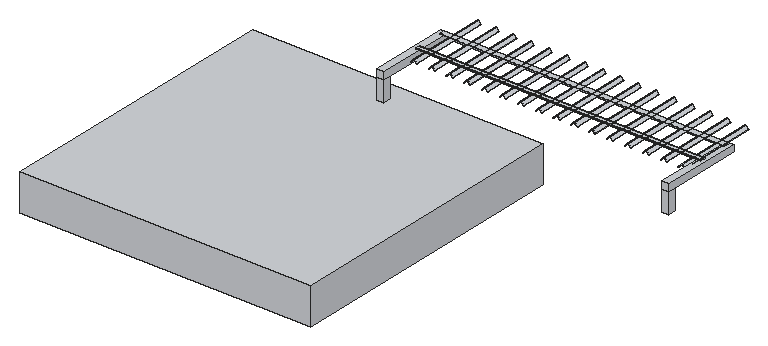
Revit family "Забор Тегоза-2400х670-2", category Обобщенные модели, Revit 2017
Family settings
  Основа = Грань
  Может служить основой для арматурных стержней = Нет
  Размер круглого соединителя = Использовать диаметр
  Тип детали = Нормальный
  При загрузке вырезать с полостями = Нет
  Общий = Нет
  Точка расчета площади = Нет
Parameters
  Производитель = "ООО \"Теган\""
  Правый_столб [instance] = yes
  Default Elevation [instance] = 1000 mm
  Левый_столб [instance] = yes
Reference planes
  plane 1 "По центру (Вперед/Назад)": y = 0
  plane 2: z = 0
  plane 3 "По центру (Влево/Вправо)": x = 0
  plane 4: y = 1000
Forms (mm)
  Extrusion 1, solid
    sketch origin (0, 0, 0) x (1, 0, 0) y (0, 1, 0)
      loop
        line (-1219.2, 1219.2) -> (-1219.2, -1219.2) -> (1219.2, -1219.2) -> (1219.2, 1219.2) -> (-1219.2, 1219.2)
    from 0 to -304.8
  Extrusion 2, solid, visible <- "Левый_столб"
    sketch origin (30, 1000, 200) x (1, 0, 0) y (0, 0, -1)
      loop
        line (-30, -30) -> (30, -30) -> (30, 30) -> (-30, 30) -> (-30, -30)
    from 0 to 680
  Extrusion 3, solid
    sketch origin (30, 1000, -20) x (0, 0, -1) y (0, 1, 0)
      loop
        line (-215, 415) -> (-255, 415) -> (-255, 375) -> (-252.5, 375) -> (-252.5, 412.5) -> (-215, 412.5) -> (-215, 415)
    from 0 to 2400
  Extrusion 4, solid
    sketch origin (30, 1000, -20) x (0, 0, -1) y (0, 1, 0)
      loop
        line (-215, 665) -> (-255, 665) -> (-255, 625) -> (-252.5, 625) -> (-252.5, 662.5) -> (-215, 662.5) -> (-215, 665)
    from 0 to 2400
  Extrusion 5, solid, visible <- "Левый_столб"
    sketch origin (925.449, 2200, 0) x (1, 0, 0) y (0, 1, 0)
      loop
        line (-925.449, -1200) -> (-865.449, -1200) -> (-865.449, -1140) -> (-925.449, -1140) -> (-925.449, -1200)
    from 0 to 170
  Extrusion 6, solid, visible <- "Правый_столб"
    sketch origin (2430, 1000, 200) x (1, 0, 0) y (0, 0, -1)
      loop
        line (-30, -30) -> (30, -30) -> (30, 30) -> (-30, 30) -> (-30, -30)
    from 0 to 680
  Extrusion 7, solid
    sketch origin (31.999, 1000, 200) x (1, 0, 0) y (0, 0, -1)
      loop
        line (73.001, -25.456) -> (47.545, 0) -> (46.131, -1.414) -> (73.001, -28.284) -> (99.871, -1.414) -> (98.457, 0) -> (73.001, -25.456)
    from 260 to 930
  Extrusion 8, solid
    sketch origin (181.999, 1000, 200) x (1, 0, 0) y (0, 0, -1)
      loop
        line (73.001, -25.456) -> (47.545, 0) -> (46.131, -1.414) -> (73.001, -28.284) -> (99.871, -1.414) -> (98.457, 0) -> (73.001, -25.456)
    from 260 to 930
  Extrusion 9, solid
    sketch origin (331.999, 1000, 200) x (1, 0, 0) y (0, 0, -1)
      loop
        line (73.001, -25.456) -> (47.545, 0) -> (46.131, -1.414) -> (73.001, -28.284) -> (99.871, -1.414) -> (98.457, 0) -> (73.001, -25.456)
    from 260 to 930
  Extrusion 10, solid
    sketch origin (481.999, 1000, 200) x (1, 0, 0) y (0, 0, -1)
      loop
        line (73.001, -25.456) -> (47.545, 0) -> (46.131, -1.414) -> (73.001, -28.284) -> (99.871, -1.414) -> (98.457, 0) -> (73.001, -25.456)
    from 260 to 930
  Extrusion 11, solid
    sketch origin (631.999, 1000, 200) x (1, 0, 0) y (0, 0, -1)
      loop
        line (73.001, -25.456) -> (47.545, 0) -> (46.131, -1.414) -> (73.001, -28.284) -> (99.871, -1.414) -> (98.457, 0) -> (73.001, -25.456)
    from 260 to 930
  Extrusion 12, solid
    sketch origin (781.999, 1000, 200) x (1, 0, 0) y (0, 0, -1)
      loop
        line (73.001, -25.456) -> (47.545, 0) -> (46.131, -1.414) -> (73.001, -28.284) -> (99.871, -1.414) -> (98.457, 0) -> (73.001, -25.456)
    from 260 to 930
  Extrusion 13, solid
    sketch origin (931.999, 1000, 200) x (1, 0, 0) y (0, 0, -1)
      loop
        line (73.001, -25.456) -> (47.545, 0) -> (46.131, -1.414) -> (73.001, -28.284) -> (99.871, -1.414) -> (98.457, 0) -> (73.001, -25.456)
    from 260 to 930
  Extrusion 14, solid
    sketch origin (1081.999, 1000, 200) x (1, 0, 0) y (0, 0, -1)
      loop
        line (73.001, -25.456) -> (47.545, 0) -> (46.131, -1.414) -> (73.001, -28.284) -> (99.871, -1.414) -> (98.457, 0) -> (73.001, -25.456)
    from 260 to 930
  Extrusion 15, solid
    sketch origin (1231.999, 1000, 200) x (1, 0, 0) y (0, 0, -1)
      loop
        line (73.001, -25.456) -> (47.545, 0) -> (46.131, -1.414) -> (73.001, -28.284) -> (99.871, -1.414) -> (98.457, 0) -> (73.001, -25.456)
    from 260 to 930
  Extrusion 16, solid
    sketch origin (1381.999, 1000, 200) x (1, 0, 0) y (0, 0, -1)
      loop
        line (73.001, -25.456) -> (47.545, 0) -> (46.131, -1.414) -> (73.001, -28.284) -> (99.871, -1.414) -> (98.457, 0) -> (73.001, -25.456)
    from 260 to 930
  Extrusion 17, solid
    sketch origin (1531.999, 1000, 200) x (1, 0, 0) y (0, 0, -1)
      loop
        line (73.001, -25.456) -> (47.545, 0) -> (46.131, -1.414) -> (73.001, -28.284) -> (99.871, -1.414) -> (98.457, 0) -> (73.001, -25.456)
    from 260 to 930
  Extrusion 18, solid
    sketch origin (1681.999, 1000, 200) x (1, 0, 0) y (0, 0, -1)
      loop
        line (73.001, -25.456) -> (47.545, 0) -> (46.131, -1.414) -> (73.001, -28.284) -> (99.871, -1.414) -> (98.457, 0) -> (73.001, -25.456)
    from 260 to 930
  Extrusion 19, solid
    sketch origin (1831.999, 1000, 200) x (1, 0, 0) y (0, 0, -1)
      loop
        line (73.001, -25.456) -> (47.545, 0) -> (46.131, -1.414) -> (73.001, -28.284) -> (99.871, -1.414) -> (98.457, 0) -> (73.001, -25.456)
    from 260 to 930
  Extrusion 20, solid
    sketch origin (1981.999, 1000, 200) x (1, 0, 0) y (0, 0, -1)
      loop
        line (73.001, -25.456) -> (47.545, 0) -> (46.131, -1.414) -> (73.001, -28.284) -> (99.871, -1.414) -> (98.457, 0) -> (73.001, -25.456)
    from 260 to 930
  Extrusion 21, solid
    sketch origin (2131.999, 1000, 200) x (1, 0, 0) y (0, 0, -1)
      loop
        line (73.001, -25.456) -> (47.545, 0) -> (46.131, -1.414) -> (73.001, -28.284) -> (99.871, -1.414) -> (98.457, 0) -> (73.001, -25.456)
    from 260 to 930
  Extrusion 22, solid
    sketch origin (2281.999, 1000, 200) x (1, 0, 0) y (0, 0, -1)
      loop
        line (73.001, -25.456) -> (47.545, 0) -> (46.131, -1.414) -> (73.001, -28.284) -> (99.871, -1.414) -> (98.457, 0) -> (73.001, -25.456)
    from 260 to 930
  Extrusion 23, solid, visible <- "Правый_столб"
    sketch origin (3325.449, 2200, 0) x (1, 0, 0) y (0, 1, 0)
      loop
        line (-925.449, -1200) -> (-865.449, -1200) -> (-865.449, -1140) -> (-925.449, -1140) -> (-925.449, -1200)
    from 0 to 170
  Extrusion 24, solid, visible <- "Левый_столб", not visible
    sketch origin (30, 358.236, 0) x (1, 0, 0) y (0, 1, 0)
      loop
        line (-30, -30) -> (30, -30) -> (30, 30) -> (-30, 30) -> (-30, -30)
    from 0 to 680
  Extrusion 25, solid, not visible
    sketch origin (30, 578.236, 0) x (0, 1, 0) y (0, 0, 1)
      loop
        line (-215, 415) -> (-255, 415) -> (-255, 375) -> (-252.5, 375) -> (-252.5, 412.5) -> (-215, 412.5) -> (-215, 415)
    from 0 to 2400
  Extrusion 26, solid, not visible
    sketch origin (30, 578.236, 0) x (0, 1, 0) y (0, 0, 1)
      loop
        line (-215, 665) -> (-255, 665) -> (-255, 625) -> (-252.5, 625) -> (-252.5, 662.5) -> (-215, 662.5) -> (-215, 665)
    from 0 to 2400
  Extrusion 27, solid, visible <- "Левый_столб", not visible
    sketch origin (925.449, 558.236, 1200) x (1, 0, 0) y (0, 0, 1)
      loop
        line (-925.449, -1200) -> (-865.449, -1200) -> (-865.449, -1140) -> (-925.449, -1140) -> (-925.449, -1200)
    from 0 to 170
  Extrusion 28, solid, visible <- "Правый_столб", not visible
    sketch origin (2430, 358.236, 0) x (1, 0, 0) y (0, 1, 0)
      loop
        line (-30, -30) -> (30, -30) -> (30, 30) -> (-30, 30) -> (-30, -30)
    from 0 to 680
  Extrusion 29, solid, not visible
    sketch origin (31.999, 358.236, 0) x (1, 0, 0) y (0, 1, 0)
      loop
        line (73.001, -25.456) -> (47.545, 0) -> (46.131, -1.414) -> (73.001, -28.284) -> (99.871, -1.414) -> (98.457, 0) -> (73.001, -25.456)
    from 260 to 930
  Extrusion 30, solid, not visible
    sketch origin (181.999, 358.236, 0) x (1, 0, 0) y (0, 1, 0)
      loop
        line (73.001, -25.456) -> (47.545, 0) -> (46.131, -1.414) -> (73.001, -28.284) -> (99.871, -1.414) -> (98.457, 0) -> (73.001, -25.456)
    from 260 to 930
  Extrusion 31, solid, not visible
    sketch origin (331.999, 358.236, 0) x (1, 0, 0) y (0, 1, 0)
      loop
        line (73.001, -25.456) -> (47.545, 0) -> (46.131, -1.414) -> (73.001, -28.284) -> (99.871, -1.414) -> (98.457, 0) -> (73.001, -25.456)
    from 260 to 930
  Extrusion 32, solid, not visible
    sketch origin (481.999, 358.236, 0) x (1, 0, 0) y (0, 1, 0)
      loop
        line (73.001, -25.456) -> (47.545, 0) -> (46.131, -1.414) -> (73.001, -28.284) -> (99.871, -1.414) -> (98.457, 0) -> (73.001, -25.456)
    from 260 to 930
  Extrusion 33, solid, not visible
    sketch origin (631.999, 358.236, 0) x (1, 0, 0) y (0, 1, 0)
      loop
        line (73.001, -25.456) -> (47.545, 0) -> (46.131, -1.414) -> (73.001, -28.284) -> (99.871, -1.414) -> (98.457, 0) -> (73.001, -25.456)
    from 260 to 930
  Extrusion 34, solid, not visible
    sketch origin (781.999, 358.236, 0) x (1, 0, 0) y (0, 1, 0)
      loop
        line (73.001, -25.456) -> (47.545, 0) -> (46.131, -1.414) -> (73.001, -28.284) -> (99.871, -1.414) -> (98.457, 0) -> (73.001, -25.456)
    from 260 to 930
  Extrusion 35, solid, not visible
    sketch origin (931.999, 358.236, 0) x (1, 0, 0) y (0, 1, 0)
      loop
        line (73.001, -25.456) -> (47.545, 0) -> (46.131, -1.414) -> (73.001, -28.284) -> (99.871, -1.414) -> (98.457, 0) -> (73.001, -25.456)
    from 260 to 930
  Extrusion 36, solid, not visible
    sketch origin (1081.999, 358.236, 0) x (1, 0, 0) y (0, 1, 0)
      loop
        line (73.001, -25.456) -> (47.545, 0) -> (46.131, -1.414) -> (73.001, -28.284) -> (99.871, -1.414) -> (98.457, 0) -> (73.001, -25.456)
    from 260 to 930
  Extrusion 37, solid, not visible
    sketch origin (1231.999, 358.236, 0) x (1, 0, 0) y (0, 1, 0)
      loop
        line (73.001, -25.456) -> (47.545, 0) -> (46.131, -1.414) -> (73.001, -28.284) -> (99.871, -1.414) -> (98.457, 0) -> (73.001, -25.456)
    from 260 to 930
  Extrusion 38, solid, not visible
    sketch origin (1381.999, 358.236, 0) x (1, 0, 0) y (0, 1, 0)
      loop
        line (73.001, -25.456) -> (47.545, 0) -> (46.131, -1.414) -> (73.001, -28.284) -> (99.871, -1.414) -> (98.457, 0) -> (73.001, -25.456)
    from 260 to 930
  Extrusion 39, solid, not visible
    sketch origin (1531.999, 358.236, 0) x (1, 0, 0) y (0, 1, 0)
      loop
        line (73.001, -25.456) -> (47.545, 0) -> (46.131, -1.414) -> (73.001, -28.284) -> (99.871, -1.414) -> (98.457, 0) -> (73.001, -25.456)
    from 260 to 930
  Extrusion 40, solid, not visible
    sketch origin (1681.999, 358.236, 0) x (1, 0, 0) y (0, 1, 0)
      loop
        line (73.001, -25.456) -> (47.545, 0) -> (46.131, -1.414) -> (73.001, -28.284) -> (99.871, -1.414) -> (98.457, 0) -> (73.001, -25.456)
    from 260 to 930
  Extrusion 41, solid, not visible
    sketch origin (1831.999, 358.236, 0) x (1, 0, 0) y (0, 1, 0)
      loop
        line (73.001, -25.456) -> (47.545, 0) -> (46.131, -1.414) -> (73.001, -28.284) -> (99.871, -1.414) -> (98.457, 0) -> (73.001, -25.456)
    from 260 to 930
  Extrusion 42, solid, not visible
    sketch origin (1981.999, 358.236, 0) x (1, 0, 0) y (0, 1, 0)
      loop
        line (73.001, -25.456) -> (47.545, 0) -> (46.131, -1.414) -> (73.001, -28.284) -> (99.871, -1.414) -> (98.457, 0) -> (73.001, -25.456)
    from 260 to 930
  Extrusion 43, solid, not visible
    sketch origin (2131.999, 358.236, 0) x (1, 0, 0) y (0, 1, 0)
      loop
        line (73.001, -25.456) -> (47.545, 0) -> (46.131, -1.414) -> (73.001, -28.284) -> (99.871, -1.414) -> (98.457, 0) -> (73.001, -25.456)
    from 260 to 930
  Extrusion 44, solid, not visible
    sketch origin (2281.999, 358.236, 0) x (1, 0, 0) y (0, 1, 0)
      loop
        line (73.001, -25.456) -> (47.545, 0) -> (46.131, -1.414) -> (73.001, -28.284) -> (99.871, -1.414) -> (98.457, 0) -> (73.001, -25.456)
    from 260 to 930
  Extrusion 45, solid, visible <- "Правый_столб", not visible
    sketch origin (3325.449, 558.236, 1200) x (1, 0, 0) y (0, 0, 1)
      loop
        line (-925.449, -1200) -> (-865.449, -1200) -> (-865.449, -1140) -> (-925.449, -1140) -> (-925.449, -1200)
    from 0 to 170
Dimensions and locks
  "Default Elevation": plane 4 to plane 1 "По центру (Вперед/Назад)"
  aligned and locked: plane 2 to Extrusion 1
  aligned and locked: level to Extrusion 1
  aligned and locked: Extrusion 2 to Extrusion 5 sketch curve
  aligned and locked: Extrusion 24 to Extrusion 27 sketch curve
  aligned and locked: plane 4 to Extrusion 5
Automatic sketch dimensions
  Extrusion 1 sketch curve to Extrusion 1 sketch curve = 2438.4 mm  (x2)
